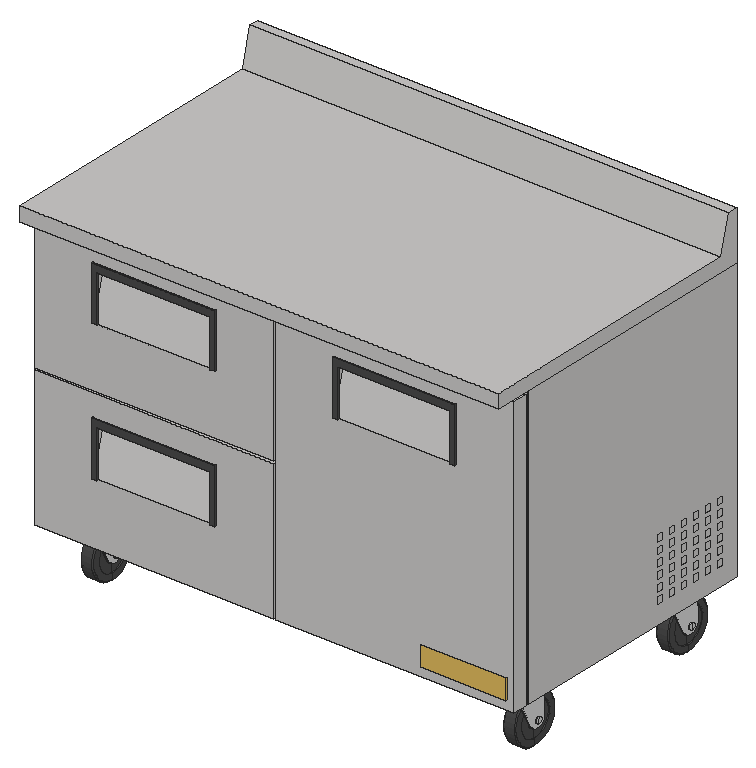
Revit family
Parameters
  Weight = "315 lbs."
  Watts = FL Amps * Volts  # 563.5 W
  Volts = 115 V
  URL Manufacturer = "www.truemfg.com"
  URL Cutsheet = "www.truemfg.com"
  URL = "www.truemfg.com"
  Type Mark [instance] = ""
  Status [instance] = ""
  Specification by User [instance] = ""
  Specification by Manufacturer = ""
  Show Seismic Flanged [instance] = no
  Show Logo [instance] = yes
  Show Legs [instance] = no
  Right/Left Option [instance] = no
  Show Clearance [instance] = yes
  Show Casters [instance] = and(not(Show Legs), not(Show Seismic Flanged))  # yes
  Serial Number = ""
  Seismic Rating = ""
  Seismic Plate [instance] = and(Show Seismic Flanged, not(Show Casters))  # no
  SMACNA No = ""
  Revision Code [instance] = ""
  Phase = 1
  Omniclass Number and Title = ""
  Number of Poles [instance] = 1
  NAFEM Spec ID Number = ""
  Model = "TWT-48D-2"
  Min Ckt Ampacity = 0 A
  Max Overcurrent Protection = 0 A
  MasterSpec. = ""
  Manufacturer = "TRUE FOOD SERVICE EQUIPMENT, INC."
  Legs [instance] = or(Show Legs, Show Seismic Flanged)  # no
  Item Number [instance] = ""
  Installed By [instance] = ""
  Identify Quantity as Lot [instance] = yes
  HP = "1/5"
  Furnished By [instance] = ""
  Foodservice Equipment Identifier [instance] = yes
  FL Amps = 4.9 A
  Electrical Remarks [instance] = "230-240/50/1"
  Electric Connection Type [instance] = ""
  Elec Conn RI Height [instance] = 0"
  Elec Conn Connection Height [instance] = 0"
  Description = "Worktop Drawered Refrigerator"
  Cycle = 60 Hz
  Conn Plug NEMA = "NEMA 5-15P"
  Conn Conduit = yes
  CSI MasterFormat = ""
  CSI Master Format = ""
  Body Finish = QF_Finishes_Stainless Steel
  Base Height [instance] = if(Legs, 6", 6 3/16")  # 6 3/16"
  Apparent Power = if(Phase = 3, Volts * FL Amps * 1.73, Volts * FL Amps)  # 563.5 VA
Reference planes (in)
  plane 1 "BACK": y = -16.5
  plane 2: z = 0
  plane 3 "LEFT": x = 0
  plane 4 "RIGHT": x = 48.3125
  plane 5 "FRONT": y = -47.5625
  plane 6 "TOP": z = 46.46875
  plane 7: z = 6.1875
  plane 8: y = -69.03125
Forms (in)
  Revolve 1, solid, material "QF_Finishes_Stainless Steel" <- "Body Finish", visible <- "Legs"
    sketch origin (0.84375, -20.82507, 0) x (1, 0, 0) y (0, 0, -1)
      loop
        line (2, -6.1875) -> (2, -0.1875) -> (1.5, -0.1875) -> (1.5, -1.1875) -> (1.25, -1.1875) -> (0.53856, -6.1875) -> (2, -6.1875)
      axis (2, -0.1875) -> (2, -6.1875)
    angle from 0 to 360
  Extrusion 2, solid, material "QF_Finishes_Stainless Steel" <- "Body Finish", visible <- "Seismic Plate"
    sketch origin (-0.22541, -19.13091, 0) x (1, 0, 0) y (0, 1, 0)
      loop
        circle (3.06916, -1.69416) r 1.5
    from 0 to 0.25
  Revolve 3, solid, material "QF_Finishes_Stainless Steel" <- "Body Finish", visible <- "Legs"
    sketch origin (0.84375, -40.15813, 0) x (1, 0, 0) y (0, 0, -1)
      loop
        line (2, -6.1875) -> (2, -0.1875) -> (1.5, -0.1875) -> (1.5, -1.1875) -> (1.25, -1.1875) -> (0.53856, -6.1875) -> (2, -6.1875)
      axis (2, -0.1875) -> (2, -6.1875)
    angle from 0 to 360
  Extrusion 4, solid, material "QF_Finishes_Stainless Steel" <- "Body Finish", visible <- "Seismic Plate"
    sketch origin (-0.22541, -42.50254, 0) x (1, 0, 0) y (0, 1, 0)
      loop
        circle (3.06916, 2.30585) r 1.5
    from 0 to 0.25
  Revolve 5, solid, material "QF_Finishes_Stainless Steel" <- "Body Finish", visible <- "Legs"
    sketch origin (31.34375, -20.82507, 0) x (1, 0, 0) y (0, 0, -1)
      loop
        line (14, -6.1875) -> (14, -0.1875) -> (13.5, -0.1875) -> (13.5, -1.1875) -> (13.25, -1.1875) -> (12.53856, -6.1875) -> (14, -6.1875)
      axis (14, -0.1875) -> (14, -6.1875)
    angle from 0 to 360
  Extrusion 6, solid, material "QF_Finishes_Stainless Steel" <- "Body Finish", visible <- "Seismic Plate"
    sketch origin (30.27459, -19.13091, 0) x (1, 0, 0) y (0, 1, 0)
      loop
        circle (15.06916, -1.69416) r 1.5
    from 0 to 0.25
  Revolve 7, solid, material "QF_Finishes_Stainless Steel" <- "Body Finish", visible <- "Legs"
    sketch origin (31.34375, -40.15813, 0) x (1, 0, 0) y (0, 0, -1)
      loop
        line (14, -6.1875) -> (14, -0.1875) -> (13.5, -0.1875) -> (13.5, -1.1875) -> (13.25, -1.1875) -> (12.53856, -6.1875) -> (14, -6.1875)
      axis (14, -0.1875) -> (14, -6.1875)
    angle from 0 to 360
  Extrusion 8, solid, material "QF_Finishes_Stainless Steel" <- "Body Finish", visible <- "Seismic Plate"
    sketch origin (30.27459, -42.50254, 0) x (1, 0, 0) y (0, 1, 0)
      loop
        circle (15.06916, 2.30585) r 1.5
    from 0 to 0.25
Lines and regions (in)
  symbolic lines, style "SpecialityEquipmentHiddenLines", visible <- "Show Casters"
    curve 1: line (1.05276, -22.68104, 0) -> (2.13882, -23.30808, 0)
    curve 2: line (3.55276, -18.35092, 0) -> (1.05276, -22.68104, 0)
    curve 3: line (4.63882, -18.97795, 0) -> (3.55276, -18.35092, 0)
    curve 4: line (2.13882, -23.30808, 0) -> (4.63882, -18.97795, 0)
    curve 5: line (43.67776, -22.68104, 0) -> (44.76382, -23.30808, 0)
    curve 6: line (46.17776, -18.35092, 0) -> (43.67776, -22.68104, 0)
    curve 7: line (47.26382, -18.97795, 0) -> (46.17776, -18.35092, 0)
    curve 8: line (44.76382, -23.30808, 0) -> (47.26382, -18.97795, 0)
    curve 9: line (1.05276, -42.04409, 0) -> (2.13882, -42.67113, 0)
    curve 10: line (3.55276, -37.71397, 0) -> (1.05276, -42.04409, 0)
    curve 11: line (4.63882, -38.34101, 0) -> (3.55276, -37.71397, 0)
    curve 12: line (2.13882, -42.67113, 0) -> (4.63882, -38.34101, 0)
    curve 13: line (43.67776, -42.04409, 0) -> (44.76382, -42.67113, 0)
    curve 14: line (46.17776, -37.71397, 0) -> (43.67776, -42.04409, 0)
    curve 15: line (47.26382, -38.34101, 0) -> (46.17776, -37.71397, 0)
    curve 16: line (44.76382, -42.67113, 0) -> (47.26382, -38.34101, 0)
Dimensions and locks (in)
  plane 3 "LEFT" to plane 4 "RIGHT" = 48 5/16"
  plane 4 "RIGHT" to plane 3 "LEFT" = 48 5/16"
  plane 5 "FRONT" to plane 1 "BACK" = 31 1/16"
  locked: plane 5 "FRONT" to plane 1 "BACK" at 31.0625
  "Base Height": plane 7 to level
  Revolve 3 sketch curve to Revolve 3 sketch curve to Revolve 3 sketch curve = 5" locked, 1" locked
  Revolve 1 sketch curve to Revolve 1 sketch curve to Revolve 1 sketch curve = 5" locked, 1" locked
  nested 1 to level = 42 15/16"
  Revolve 7 sketch curve to Revolve 7 sketch curve to Revolve 7 sketch curve = 5" locked, 1" locked
  Revolve 5 sketch curve to Revolve 5 sketch curve to Revolve 5 sketch curve = 5" locked, 1" locked
  nested 1 to nested 1 = 7"
  nested 1 to plane 7 = 29 3/4"
  nested 1 to level = 35 15/16"
  plane 4 "RIGHT" to nested 1 = 19 5/8"
  nested 1 to nested 1 = 12 5/8"
  plane 8 to plane 1 "BACK" = 52 17/32"
  nested 1 to plane 5 "FRONT" = 19 11/16"
  aligned and locked: level to plane 2
  aligned and locked: Revolve 3 sketch curve to plane 7
  aligned and locked: Revolve 1 sketch curve to plane 7
  aligned and locked: plane 5 "FRONT" to nested 1
  aligned and locked: plane 3 "LEFT" to nested 1  (x2)
  aligned and locked: plane 7 to nested 1
  aligned: nested 1 to plane 7
  aligned and locked: nested 1 to plane 5 "FRONT"
Automatic sketch dimensions
  plane 3 "LEFT" to Revolve 1 sketch curve = 1.38231"
  plane 3 "LEFT" to Revolve 1 sketch curve = 2 3/32"
  Revolve 1 sketch curve to Revolve 1 sketch curve = 1/4"
  Revolve 1 sketch curve to Revolve 1 sketch curve = 1/2"
  Revolve 1 sketch curve to Revolve 1 sketch curve = 0"
  plane 7 to Revolve 1 sketch curve = 23/32"
  Revolve 1 sketch curve to Revolve 1 sketch curve = 1 1/2"
  plane 3 "LEFT" to Extrusion 2 sketch curve = 2 27/32"
  plane 1 "BACK" to Extrusion 2 sketch curve = 4.32507"
  plane 3 "LEFT" to Revolve 3 sketch curve = 1.38231"
  plane 3 "LEFT" to Revolve 3 sketch curve = 2 3/32"
  Revolve 3 sketch curve to Revolve 3 sketch curve = 1/4"
  Revolve 3 sketch curve to Revolve 3 sketch curve = 1/2"
  Revolve 3 sketch curve to Revolve 3 sketch curve = 0"
  plane 7 to Revolve 3 sketch curve = 23/32"
  Revolve 3 sketch curve to Revolve 3 sketch curve = 1 1/2"
  plane 3 "LEFT" to Extrusion 4 sketch curve = 2 27/32"
  Extrusion 4 sketch curve to plane 5 "FRONT" = 7.36581"
  Revolve 5 sketch curve to plane 7 = 0"
  Revolve 5 sketch curve to plane 4 "RIGHT" = 4.43019"
  Revolve 5 sketch curve to plane 4 "RIGHT" = 3 23/32"
  Revolve 5 sketch curve to Revolve 5 sketch curve = 1/4"
  Revolve 5 sketch curve to Revolve 5 sketch curve = 1/2"
  Revolve 5 sketch curve to Revolve 5 sketch curve = 0"
  plane 7 to Revolve 5 sketch curve = 23/32"
  Revolve 5 sketch curve to Revolve 5 sketch curve = 1 1/2"
  Extrusion 6 sketch curve to plane 4 "RIGHT" = 2 31/32"
  plane 1 "BACK" to Extrusion 6 sketch curve = 4.32507"
  Revolve 7 sketch curve to plane 7 = 0"
  Revolve 7 sketch curve to plane 4 "RIGHT" = 4.43019"
  Revolve 7 sketch curve to plane 4 "RIGHT" = 3 23/32"
  Revolve 7 sketch curve to Revolve 7 sketch curve = 1/4"
  Revolve 7 sketch curve to Revolve 7 sketch curve = 1/2"
  Revolve 7 sketch curve to Revolve 7 sketch curve = 0"
  plane 7 to Revolve 7 sketch curve = 23/32"
  Revolve 7 sketch curve to Revolve 7 sketch curve = 1 1/2"
  Extrusion 8 sketch curve to plane 4 "RIGHT" = 2 31/32"
  Extrusion 8 sketch curve to plane 5 "FRONT" = 7.36581"
  curve 16 to plane 4 "RIGHT" = 1.04868"
  curve 7 to plane 4 "RIGHT" = 1.04868"
  curve 7 to curve 7 = 1.08606"
  curve 14 to curve 15 = 1.08606"
  curve 13 to plane 4 "RIGHT" = 3.54868"
  curve 8 to plane 4 "RIGHT" = 3.54868"
  plane 3 "LEFT" to curve 12 = 4.63882"
  plane 1 "BACK" to curve 2 = 1.85092"
  curve 2 to curve 3 = 1.08606"
  curve 10 to curve 11 = 1.08606"
  plane 3 "LEFT" to curve 1 = 2.13882"
  plane 3 "LEFT" to curve 12 = 2.13882"
  plane 1 "BACK" to curve 8 = 2.47795"
  curve 4 to curve 2 = 0.62704"
  curve 5 to curve 7 = 3.70309"
  curve 15 to plane 5 "FRONT" = 9.84853"
  curve 11 to plane 5 "FRONT" = 9.84853"
  curve 12 to curve 10 = 0.62704"
  curve 16 to curve 14 = 0.62704"
  plane 3 "LEFT" to curve 2 = 3.55276"
  radius of Extrusion 2 sketch curve = 1 1/2"
  radius of Extrusion 4 sketch curve = 1 1/2"
  radius of Extrusion 6 sketch curve = 1 1/2"
  radius of Extrusion 8 sketch curve = 1 1/2"
Nested families (in)
  nested 1: "True_TWT-48D-2" at (0, 0, 0), Show Logo <- "Show Logo", Show Clearance <- "Show Clearance", Show Casters <- "Show Casters", RightLeft Option <- "Right/Left Option", type "True_TWT-48D-2"
    with Show Logo yes, Show Clearance yes, Show Casters yes, RightLeft Option no, Right Clearance yes, Left Clearance no, C 3 7/16", B 0", A 0"
Connectors (in)
  electrical at (44.875, -17.5, 12), driven by "Volts", driven by "Watts"
    settings: on nested 1, index 2, voltage 115 V, apparent load 563.5 VA, apparent load phase1 0 VA, apparent load phase2 0 VA, apparent load phase3 0 VA, power factor 1, load classification "Other", number of poles 1, system type 30, power factor state 1, is connector primary yes, connector utility no, sub classification motor no, connector description "Electrical Connection"
Definition of nested family "True_TWT-48D-2"
  Parameters (values of type "True_TWT-48D-2")
    C [instance] = if(RightLeft Option, 44 7/8", 3 7/16")  # 3 7/16"
    B [instance] = if(RightLeft Option, 24 1/4", 0")  # 0"
    URL = ""
    Show Logo [instance] = yes
    Show Clearance [instance] = yes
    Show Casters [instance] = yes
    RightLeft Option [instance] = no
    Right Clearance [instance] = and(Show Clearance, not(RightLeft Option))  # yes
    Model = ""
    Manufacturer = ""
    Left Clearance [instance] = and(Show Clearance, (RightLeft Option))  # no
    Description = ""
    Assembly Code = ""
    A [instance] = if(RightLeft Option, 24 1/4", 0")  # 0"
  Reference planes (in)
    plane 1 "BACK": y = -16.5
    plane 2: z = 0
    plane 3 "LEFT": x = 0
    plane 4 "RIGHT": x = 48.3125
    plane 5 "FRONT": y = -47.5625
    plane 6 "TOP": z = 42.9375
    plane 7: z = 6.1875
    plane 8: z = 35.9375
  Forms (in)
    Extrusion 1, solid, material "QF_Finishes_Stainless Steel"
      sketch origin (0, -1, 0) x (0, 1, 0) y (0, 0, 1)
        loop
          line (-46.5625, 35.9375) -> (-46.5625, 34.5) -> (-16.5, 34.5) -> (-16.5, 39.5) -> (-17.5, 39.5) -> (-18.46875, 35.9375) -> (-46.5625, 35.9375)
      from 0 to 48.3125
    Extrusion 2, solid, material "QF_Finishes_Handrails and Railings", visible <- "Show Casters"
      sketch origin (0.84375, -38.80219, 1.18891) x (0, 1, 0) y (0, 0, 1)
        loop
          line (-3.9827, 4.36074) -> (-3.9827, 3.75589) -> (-3.6077, 3.75589) -> (-2.25253, 1.15484)
          arc (-2.25253, 1.15484) -> (-1.35455, 0.51289) -> (-0.45657, 1.15484) r 0.94903
          line (-0.45657, 1.15484) -> (-0.54355, 4.36074) -> (-3.9827, 4.36074)
      from 1.175 to 1.325
    Revolve 3, solid, material "QF_Finishes_Chrome - Satin", visible <- "Show Casters"
      sketch origin (0.84375, -41.06531, 0.68891) x (1, 0, 0) y (0, 0, 1)
        loop
          line (2, 4.86074) -> (2, 5.49859) -> (0.60918, 5.49859) -> (0.60918, 4.86074) -> (2, 4.86074)
        axis (2, 4.86074) -> (2, 5.49859)
      angle from 0 to 360
    Extrusion 4, solid, material "QF_Finishes_Handrails and Railings", visible <- "Show Casters"
      sketch origin (-46.9375, -38.80219, 1.18891) x (0, 1, 0) y (0, 0, 1)
        loop
          line (-3.9827, 4.36074) -> (-3.9827, 3.75589) -> (-3.6077, 3.75589) -> (-0.53736, 4.13288) -> (-0.54355, 4.36074) -> (-3.9827, 4.36074)
      from 49.10625 to 50.45625
    Revolve 5, solid, material "QF_Finishes_Black", visible <- "Show Casters"
      sketch origin (0.84375, -40.15399, 1) x (1, 0, 0) y (0, 0, 1)
        loop
          line (1.475, 4) -> (1.375, 3.9) -> (1.375, 3.29941) -> (1.53601, 3.29941) -> (1.53601, 2.04941) -> (1.375, 2.04941) -> (1.375, 1.79941) -> (0.975, 1.79941) -> (0.975, 1.5) -> (3.025, 1.5) -> (3.025, 1.79941) -> (2.62908, 1.79941) -> (2.62908, 2.04941) -> (2.46399, 2.04941) -> (2.46399, 3.29941) -> (2.62908, 3.29941) -> (2.62908, 3.89592) -> (2.525, 4) -> (1.475, 4)
        axis (3.025, 1.5) -> (0.975, 1.5)
      angle from 0 to 360
    Extrusion 6, solid, material "QF_Finishes_Handrails and Railings", visible <- "Show Casters"
      sketch origin (4.84375, -38.80219, 1.18891) x (0, 1, 0) y (0, 0, -1)
        loop
          line (-3.9827, -3.75589) -> (-3.9827, -4.36074) -> (-0.54355, -4.36074) -> (-0.45657, -1.15484)
          arc (-0.45657, -1.15484) -> (-1.35455, -0.51289) -> (-2.25253, -1.15484) r 0.94903
          line (-2.25253, -1.15484) -> (-3.6077, -3.75589) -> (-3.9827, -3.75589)
      from 1.175 to 1.325
    Extrusion 7, solid, material "QF_Finishes_Handrails and Railings", visible <- "Show Casters"
      sketch origin (0.84375, -19.47769, 1.18891) x (0, 1, 0) y (0, 0, 1)
        loop
          line (-3.9827, 4.36074) -> (-3.9827, 3.75589) -> (-3.6077, 3.75589) -> (-2.25253, 1.15484)
          arc (-2.25253, 1.15484) -> (-1.35455, 0.51289) -> (-0.45657, 1.15484) r 0.94903
          line (-0.45657, 1.15484) -> (-0.54355, 4.36074) -> (-3.9827, 4.36074)
      from 1.175 to 1.325
    Revolve 8, solid, material "QF_Finishes_Chrome - Satin", visible <- "Show Casters"
      sketch origin (0.84375, -21.74082, 0.68891) x (1, 0, 0) y (0, 0, 1)
        loop
          line (2, 4.86074) -> (2, 5.49859) -> (0.60918, 5.49859) -> (0.60918, 4.86074) -> (2, 4.86074)
        axis (2, 4.86074) -> (2, 5.49859)
      angle from 0 to 360
    Extrusion 9, solid, material "QF_Finishes_Handrails and Railings", visible <- "Show Casters"
      sketch origin (-46.9375, -19.47769, 1.18891) x (0, 1, 0) y (0, 0, 1)
        loop
          line (-3.9827, 4.36074) -> (-3.9827, 3.75589) -> (-3.6077, 3.75589) -> (-0.53736, 4.13288) -> (-0.54355, 4.36074) -> (-3.9827, 4.36074)
      from 49.10625 to 50.45625
    Revolve 10, solid, material "QF_Finishes_Black", visible <- "Show Casters"
      sketch origin (0.84375, -20.8295, 1) x (1, 0, 0) y (0, 0, 1)
        loop
          line (1.475, 4) -> (1.375, 3.9) -> (1.375, 3.29941) -> (1.53601, 3.29941) -> (1.53601, 2.04941) -> (1.375, 2.04941) -> (1.375, 1.79941) -> (0.975, 1.79941) -> (0.975, 1.5) -> (3.025, 1.5) -> (3.025, 1.79941) -> (2.62908, 1.79941) -> (2.62908, 2.04941) -> (2.46399, 2.04941) -> (2.46399, 3.29941) -> (2.62908, 3.29941) -> (2.62908, 3.89592) -> (2.525, 4) -> (1.475, 4)
        axis (3.025, 1.5) -> (0.975, 1.5)
      angle from 0 to 360
    Extrusion 11, solid, material "QF_Finishes_Handrails and Railings", visible <- "Show Casters"
      sketch origin (4.84375, -19.47769, 1.18891) x (0, 1, 0) y (0, 0, -1)
        loop
          line (-3.9827, -3.75589) -> (-3.9827, -4.36074) -> (-0.54355, -4.36074) -> (-0.45657, -1.15484)
          arc (-0.45657, -1.15484) -> (-1.35455, -0.51289) -> (-2.25253, -1.15484) r 0.94903
          line (-2.25253, -1.15484) -> (-3.6077, -3.75589) -> (-3.9827, -3.75589)
      from 1.175 to 1.325
    Extrusion 12, solid, material "QF_Finishes_Stainless Steel"
      sketch origin (0, -1, 0) x (0, 1, 0) y (0, 0, 1)
        loop
          line (-42.75, 34.5) -> (-42.75, 6.1875) -> (-16.5, 6.1875) -> (-16.5, 34.5) -> (-42.75, 34.5)
      from 0 to 48.1875
    Extrusion 13, solid, material "QF_Finishes_Stainless Steel"
      sketch origin (4.24566, -12.63, 0) x (1, 0, 0) y (0, 0, 1)
        loop
          line (44.06684, 6.1875) -> (44.06684, 34.28323) -> (20.00434, 34.28323) -> (20.00434, 6.1875) -> (44.06684, 6.1875)
        loop
          line (25.85373, 32.0625) -> (25.85373, 26.5625) -> (38.22873, 26.5625) -> (38.22873, 32.0625) -> (25.85373, 32.0625)
      from 31.44201 to 33
    Extrusion 14, solid, material "QF_Finishes_Black"
      sketch origin (12.0625, 3.62, 0) x (0, 1, 0) y (0, 0, 1)
        loop
          line (-47.69201, 33.8406) -> (-47.69201, 6.82675) -> (-47.37, 6.82675) -> (-47.37, 33.8406) -> (-47.69201, 33.8406)
      from -11.5625 to 35.75
    Extrusion 15, solid, material "QF_Finishes_Stainless Steel"
      sketch origin (-1.91623, 3.87, 0) x (0, 1, 0) y (0, 0, 1)
        loop
          line (-47.94201, 32.0625) -> (-49.5, 26.5625) -> (-47.94201, 26.5625) -> (-47.94201, 32.0625)
        loop
          line (-47.94201, 18.01463) -> (-49.5, 12.51463) -> (-47.94201, 12.51463) -> (-47.94201, 18.01463)
      from 7.75 to 20.125
    Extrusion 16, solid, material "QF_Finishes_Black"
      sketch origin (-1.91623, -45.63, 0) x (1, 0, 0) y (0, 0, 1)
        loop
          line (20.125, 32.0625) -> (7.75, 32.0625) -> (7.75, 26.5625) -> (8.25, 26.5625) -> (8.25, 31.3125) -> (19.625, 31.3125) -> (19.625, 26.5625) -> (20.125, 26.5625) -> (20.125, 32.0625)
        loop
          line (20.125, 18.01463) -> (7.75, 18.01463) -> (7.75, 12.51463) -> (8.25, 12.51463) -> (8.25, 17.26463) -> (19.625, 17.26463) -> (19.625, 12.51463) -> (20.125, 12.51463) -> (20.125, 18.01463)
      from 0 to 0.125
    Extrusion 17, solid, material "QF_Finishes_Satin - Goldenrod", visible <- "Show Logo"
      sketch origin (-26.41732, -10.88, -25.21535) x (1, 0, 0) y (0, 0, 1)
        loop
          line (73.97982, 34.29477) -> (65.37982, 34.29477) -> (65.37982, 32.2921) -> (73.97982, 32.2921) -> (73.97982, 34.29477)
      from 34.75 to 34.80335
    Extrusion 18, solid, material "QF_Finishes_Stainless Steel"
      sketch origin (28.66923, -1, 0.52317) x (0, 1, 0) y (0, 0, 1)
        loop
          line (-42.75, 33.97683) -> (-42.75, 5.66433) -> (-16.5, 5.66433) -> (-16.5, 33.97683) -> (-42.75, 33.97683)
        loop
          line (-19.03986, 13.81876) -> (-19.03986, 13.06876) -> (-18.28986, 13.06876) -> (-18.28986, 13.81876) -> (-19.03986, 13.81876)
        loop
          line (-20.53986, 13.81876) -> (-20.53986, 13.06876) -> (-19.78986, 13.06876) -> (-19.78986, 13.81876) -> (-20.53986, 13.81876)
        loop
          line (-22.03986, 13.81876) -> (-22.03986, 13.06876) -> (-21.28986, 13.06876) -> (-21.28986, 13.81876) -> (-22.03986, 13.81876)
        loop
          line (-23.53986, 13.81876) -> (-23.53986, 13.06876) -> (-22.78986, 13.06876) -> (-22.78986, 13.81876) -> (-23.53986, 13.81876)
        loop
          line (-25.03986, 13.81876) -> (-25.03986, 13.06876) -> (-24.28986, 13.06876) -> (-24.28986, 13.81876) -> (-25.03986, 13.81876)
        loop
          line (-26.53986, 13.81876) -> (-26.53986, 13.06876) -> (-25.78986, 13.06876) -> (-25.78986, 13.81876) -> (-26.53986, 13.81876)
        loop
          line (-19.03986, 12.69376) -> (-19.03986, 11.94376) -> (-18.28986, 11.94376) -> (-18.28986, 12.69376) -> (-19.03986, 12.69376)
        loop
          line (-20.53986, 12.69376) -> (-20.53986, 11.94376) -> (-19.78986, 11.94376) -> (-19.78986, 12.69376) -> (-20.53986, 12.69376)
        loop
          line (-22.03986, 12.69376) -> (-22.03986, 11.94376) -> (-21.28986, 11.94376) -> (-21.28986, 12.69376) -> (-22.03986, 12.69376)
        loop
          line (-23.53986, 12.69376) -> (-23.53986, 11.94376) -> (-22.78986, 11.94376) -> (-22.78986, 12.69376) -> (-23.53986, 12.69376)
        loop
          line (-25.03986, 12.69376) -> (-25.03986, 11.94376) -> (-24.28986, 11.94376) -> (-24.28986, 12.69376) -> (-25.03986, 12.69376)
        loop
          line (-26.53986, 12.69376) -> (-26.53986, 11.94376) -> (-25.78986, 11.94376) -> (-25.78986, 12.69376) -> (-26.53986, 12.69376)
        loop
          line (-19.03986, 11.56876) -> (-19.03986, 10.81876) -> (-18.28986, 10.81876) -> (-18.28986, 11.56876) -> (-19.03986, 11.56876)
        loop
          line (-20.53986, 11.56876) -> (-20.53986, 10.81876) -> (-19.78986, 10.81876) -> (-19.78986, 11.56876) -> (-20.53986, 11.56876)
        loop
          line (-22.03986, 11.56876) -> (-22.03986, 10.81876) -> (-21.28986, 10.81876) -> (-21.28986, 11.56876) -> (-22.03986, 11.56876)
        loop
          line (-23.53986, 11.56876) -> (-23.53986, 10.81876) -> (-22.78986, 10.81876) -> (-22.78986, 11.56876) -> (-23.53986, 11.56876)
        loop
          line (-25.03986, 11.56876) -> (-25.03986, 10.81876) -> (-24.28986, 10.81876) -> (-24.28986, 11.56876) -> (-25.03986, 11.56876)
        loop
          line (-26.53986, 11.56876) -> (-26.53986, 10.81876) -> (-25.78986, 10.81876) -> (-25.78986, 11.56876) -> (-26.53986, 11.56876)
        loop
          line (-19.03986, 10.44376) -> (-19.03986, 9.69376) -> (-18.28986, 9.69376) -> (-18.28986, 10.44376) -> (-19.03986, 10.44376)
        loop
          line (-20.53986, 10.44376) -> (-20.53986, 9.69376) -> (-19.78986, 9.69376) -> (-19.78986, 10.44376) -> (-20.53986, 10.44376)
        loop
          line (-22.03986, 10.44376) -> (-22.03986, 9.69376) -> (-21.28986, 9.69376) -> (-21.28986, 10.44376) -> (-22.03986, 10.44376)
        loop
          line (-23.53986, 10.44376) -> (-23.53986, 9.69376) -> (-22.78986, 9.69376) -> (-22.78986, 10.44376) -> (-23.53986, 10.44376)
        loop
          line (-25.03986, 10.44376) -> (-25.03986, 9.69376) -> (-24.28986, 9.69376) -> (-24.28986, 10.44376) -> (-25.03986, 10.44376)
        loop
          line (-26.53986, 10.44376) -> (-26.53986, 9.69376) -> (-25.78986, 9.69376) -> (-25.78986, 10.44376) -> (-26.53986, 10.44376)
        loop
          line (-19.03986, 9.31876) -> (-19.03986, 8.56876) -> (-18.28986, 8.56876) -> (-18.28986, 9.31876) -> (-19.03986, 9.31876)
        loop
          line (-20.53986, 9.31876) -> (-20.53986, 8.56876) -> (-19.78986, 8.56876) -> (-19.78986, 9.31876) -> (-20.53986, 9.31876)
        loop
          line (-22.03986, 9.31876) -> (-22.03986, 8.56876) -> (-21.28986, 8.56876) -> (-21.28986, 9.31876) -> (-22.03986, 9.31876)
        loop
          line (-23.53986, 9.31876) -> (-23.53986, 8.56876) -> (-22.78986, 8.56876) -> (-22.78986, 9.31876) -> (-23.53986, 9.31876)
        loop
          line (-25.03986, 9.31876) -> (-25.03986, 8.56876) -> (-24.28986, 8.56876) -> (-24.28986, 9.31876) -> (-25.03986, 9.31876)
        loop
          line (-26.53986, 9.31876) -> (-26.53986, 8.56876) -> (-25.78986, 8.56876) -> (-25.78986, 9.31876) -> (-26.53986, 9.31876)
        loop
          line (-19.03986, 8.19376) -> (-19.03986, 7.44376) -> (-18.28986, 7.44376) -> (-18.28986, 8.19376) -> (-19.03986, 8.19376)
        loop
          line (-20.53986, 8.19376) -> (-20.53986, 7.44376) -> (-19.78986, 7.44376) -> (-19.78986, 8.19376) -> (-20.53986, 8.19376)
        loop
          line (-22.03986, 8.19376) -> (-22.03986, 7.44376) -> (-21.28986, 7.44376) -> (-21.28986, 8.19376) -> (-22.03986, 8.19376)
        loop
          line (-23.53986, 8.19376) -> (-23.53986, 7.44376) -> (-22.78986, 7.44376) -> (-22.78986, 8.19376) -> (-23.53986, 8.19376)
        loop
          line (-25.03986, 8.19376) -> (-25.03986, 7.44376) -> (-24.28986, 7.44376) -> (-24.28986, 8.19376) -> (-25.03986, 8.19376)
        loop
          line (-26.53986, 8.19376) -> (-26.53986, 7.44376) -> (-25.78986, 7.44376) -> (-25.78986, 8.19376) -> (-26.53986, 8.19376)
      from 19.51827 to 19.64327
    Extrusion 19, solid, material "QF_Finishes_Stainless Steel"
      sketch origin (8.4375, -16.5, 0) x (1, 0, 0) y (0, 0, 1)
        loop
          line (7.625, 6.1875) -> (7.625, 3.875) -> (20.25, 3.875) -> (20.25, 6.1875) -> (7.625, 6.1875)
      from 1.69409 to 21.69409
    Extrusion 20, solid, material "QF_Finishes_Stainless Steel"
      sketch origin (28.67546, -16.5, -9.83802) x (-1, 0, 0) y (0, 0, -1)
        loop
          circle (22.96499, -40.7598) r 0.46875
      from 0 to 1
    Extrusion 21, solid, material "QF_Finishes_Stainless Steel"
      sketch origin (19.58446, -17.5, 0) x (1, 0, 0) y (0, 0, 1)
        loop
          circle (25.29054, 12) r 0.25
      from 0 to 0.0625
    Extrusion 22, solid, material "QF_Finishes_Stainless Steel"
      sketch origin (22.34939, 3.87, 0) x (0, 1, 0) y (0, 0, 1)
        loop
          line (-47.94201, 32.0625) -> (-49.5, 26.5625) -> (-47.94201, 26.5625) -> (-47.94201, 32.0625)
      from 7.75 to 20.125
    Extrusion 23, solid, material "QF_Finishes_Black"
      sketch origin (22.34939, -45.63, 0) x (1, 0, 0) y (0, 0, 1)
        loop
          line (20.125, 32.0625) -> (7.75, 32.0625) -> (7.75, 26.5625) -> (8.25, 26.5625) -> (8.25, 31.3125) -> (19.625, 31.3125) -> (19.625, 26.5625) -> (20.125, 26.5625) -> (20.125, 32.0625)
      from 0 to 0.125
    Extrusion 24, solid, material "QF_Finishes_Stainless Steel"
      sketch origin (19.63704, -16.5, -9.83802) x (1, 0, 0) y (0, 0, 1)
        loop
          circle (22.96499, 40.7598) r 0.46875
      from 0 to 1
    Extrusion 25, solid, material "QF_Finishes_Handrails and Railings", visible <- "Show Casters"
      sketch origin (47.46875, -38.80219, 1.18891) x (0, 1, 0) y (0, 0, -1)
        loop
          line (-3.9827, -4.36074) -> (-0.54355, -4.36074) -> (-0.45657, -1.15484)
          arc (-0.45657, -1.15484) -> (-1.35455, -0.51289) -> (-2.25253, -1.15484) r 0.94903
          line (-2.25253, -1.15484) -> (-3.6077, -3.75589) -> (-3.9827, -3.75589) -> (-3.9827, -4.36074)
      from 1.175 to 1.325
    Revolve 26, solid, material "QF_Finishes_Chrome - Satin", visible <- "Show Casters"
      sketch origin (47.46875, -41.06531, 0.68891) x (-1, 0, 0) y (0, 0, -1)
        loop
          line (2, -4.86074) -> (0.60918, -4.86074) -> (0.60918, -5.49859) -> (2, -5.49859) -> (2, -4.86074)
        axis (2, -4.86074) -> (2, -5.49859)
      angle from 0 to 360
    Extrusion 27, solid, material "QF_Finishes_Handrails and Railings", visible <- "Show Casters"
      sketch origin (95.25, -38.80219, 1.18891) x (0, 1, 0) y (0, 0, -1)
        loop
          line (-3.9827, -4.36074) -> (-0.54355, -4.36074) -> (-0.53736, -4.13288) -> (-3.6077, -3.75589) -> (-3.9827, -3.75589) -> (-3.9827, -4.36074)
      from 49.10625 to 50.45625
    Revolve 28, solid, material "QF_Finishes_Black", visible <- "Show Casters"
      sketch origin (47.46875, -40.15399, 1) x (-1, 0, 0) y (0, 0, -1)
        loop
          line (1.475, -4) -> (2.525, -4) -> (2.62908, -3.89592) -> (2.62908, -3.29941) -> (2.46399, -3.29941) -> (2.46399, -2.04941) -> (2.62908, -2.04941) -> (2.62908, -1.79941) -> (3.025, -1.79941) -> (3.025, -1.5) -> (0.975, -1.5) -> (0.975, -1.79941) -> (1.375, -1.79941) -> (1.375, -2.04941) -> (1.53601, -2.04941) -> (1.53601, -3.29941) -> (1.375, -3.29941) -> (1.375, -3.9) -> (1.475, -4)
        axis (3.025, -1.5) -> (0.975, -1.5)
      angle from 0 to 360
    Extrusion 29, solid, material "QF_Finishes_Handrails and Railings", visible <- "Show Casters"
      sketch origin (43.46875, -38.80219, 1.18891) x (0, 1, 0) y (0, 0, 1)
        loop
          line (-3.9827, 3.75589) -> (-3.6077, 3.75589) -> (-2.25253, 1.15484)
          arc (-2.25253, 1.15484) -> (-1.35455, 0.51289) -> (-0.45657, 1.15484) r 0.94903
          line (-0.45657, 1.15484) -> (-0.54355, 4.36074) -> (-3.9827, 4.36074) -> (-3.9827, 3.75589)
      from 1.175 to 1.325
    Extrusion 30, solid, material "QF_Finishes_Handrails and Railings", visible <- "Show Casters"
      sketch origin (47.46875, -19.47769, 1.18891) x (0, 1, 0) y (0, 0, -1)
        loop
          line (-3.9827, -4.36074) -> (-0.54355, -4.36074) -> (-0.45657, -1.15484)
          arc (-0.45657, -1.15484) -> (-1.35455, -0.51289) -> (-2.25253, -1.15484) r 0.94903
          line (-2.25253, -1.15484) -> (-3.6077, -3.75589) -> (-3.9827, -3.75589) -> (-3.9827, -4.36074)
      from 1.175 to 1.325
    Revolve 31, solid, material "QF_Finishes_Chrome - Satin", visible <- "Show Casters"
      sketch origin (47.46875, -21.74082, 0.68891) x (-1, 0, 0) y (0, 0, -1)
        loop
          line (2, -4.86074) -> (0.60918, -4.86074) -> (0.60918, -5.49859) -> (2, -5.49859) -> (2, -4.86074)
        axis (2, -4.86074) -> (2, -5.49859)
      angle from 0 to 360
    Extrusion 32, solid, material "QF_Finishes_Handrails and Railings", visible <- "Show Casters"
      sketch origin (95.25, -19.47769, 1.18891) x (0, 1, 0) y (0, 0, -1)
        loop
          line (-3.9827, -4.36074) -> (-0.54355, -4.36074) -> (-0.53736, -4.13288) -> (-3.6077, -3.75589) -> (-3.9827, -3.75589) -> (-3.9827, -4.36074)
      from 49.10625 to 50.45625
    Revolve 33, solid, material "QF_Finishes_Black", visible <- "Show Casters"
      sketch origin (47.46875, -20.8295, 1) x (-1, 0, 0) y (0, 0, -1)
        loop
          line (1.475, -4) -> (2.525, -4) -> (2.62908, -3.89592) -> (2.62908, -3.29941) -> (2.46399, -3.29941) -> (2.46399, -2.04941) -> (2.62908, -2.04941) -> (2.62908, -1.79941) -> (3.025, -1.79941) -> (3.025, -1.5) -> (0.975, -1.5) -> (0.975, -1.79941) -> (1.375, -1.79941) -> (1.375, -2.04941) -> (1.53601, -2.04941) -> (1.53601, -3.29941) -> (1.375, -3.29941) -> (1.375, -3.9) -> (1.475, -4)
        axis (3.025, -1.5) -> (0.975, -1.5)
      angle from 0 to 360
    Extrusion 34, solid, material "QF_Finishes_Handrails and Railings", visible <- "Show Casters"
      sketch origin (43.46875, -19.47769, 1.18891) x (0, 1, 0) y (0, 0, 1)
        loop
          line (-3.9827, 3.75589) -> (-3.6077, 3.75589) -> (-2.25253, 1.15484)
          arc (-2.25253, 1.15484) -> (-1.35455, 0.51289) -> (-0.45657, 1.15484) r 0.94903
          line (-0.45657, 1.15484) -> (-0.54355, 4.36074) -> (-3.9827, 4.36074) -> (-3.9827, 3.75589)
      from 1.175 to 1.325
    Extrusion 35, solid, material "QF_Finishes_Drawer Clearance", visible <- "Show Clearance", detail levels coarse
      sketch origin (-19.8544, 19.97093, 0) x (1, 0, 0) y (0, 1, 0)
        loop
          line (19.8544, -65.60093) -> (19.8544, -87.22093) -> (43.9169, -87.22093) -> (43.9169, -65.60093) -> (19.8544, -65.60093)
      from 6.1875 to 34.28323
    Extrusion 36, solid, material "QF_Finishes_Door Clearance", visible <- "Right Clearance", detail levels coarse
      sketch origin (70.07598, -59.7044, 0) x (-1, 0, 0) y (0, -1, 0)
        loop
          line (21.76348, -14.0744) -> (45.8147, -14.0744)
          arc (45.8147, -14.0744) -> (38.77026, 2.93238) -> (21.76348, 9.97682) r 24.05122
          line (21.76348, 9.97682) -> (21.76348, -14.0744)
      from 6.1875 to 34.28323
    Extrusion 37, solid, material "QF_Finishes_Door Clearance", visible <- "Left Clearance", detail levels coarse
      sketch origin (-9.76348, -59.7044, 0) x (1, 0, 0) y (0, 1, 0)
        loop
          line (9.76348, 14.0744) -> (9.76348, -9.96813)
          arc (9.76348, -9.96813) -> (26.76412, -2.92624) -> (33.80601, 14.0744) r 24.04253
          line (33.80601, 14.0744) -> (9.76348, 14.0744)
      from 6.1875 to 34.28323
    Extrusion 38, solid, material "QF_Finishes_Stainless Steel"
      sketch origin (13.99566, -12.63, 0) x (1, 0, 0) y (0, 0, 1)
        loop
          line (-13.99566, 34.28323) -> (-13.99566, 20.45213) -> (10.06684, 20.45213) -> (10.06684, 34.28323) -> (-13.99566, 34.28323)
        loop
          line (-13.99566, 6.1875) -> (10.06684, 6.1875) -> (10.06684, 20.23537) -> (-13.99566, 20.23537) -> (-13.99566, 6.1875)
        loop
          line (-8.16189, 32.0625) -> (-8.16189, 26.5625) -> (4.21311, 26.5625) -> (4.21311, 32.0625) -> (-8.16189, 32.0625)
        loop
          line (-8.16189, 18.01463) -> (-8.16189, 12.51463) -> (4.21311, 12.51463) -> (4.21311, 18.01463) -> (-8.16189, 18.01463)
      from 31.44201 to 33
  Lines and regions (in)
    Split face 1
      outline origin (-26.41732, -45.68335, -25.21535) x (1, 0, 0) y (0, 0, 1)
        loop
          line (65.50482, 34.16977) -> (65.50482, 32.4171) -> (73.85482, 32.4171) -> (73.85482, 34.16977) -> (65.50482, 34.16977)
    Split face 2
      outline origin (-26.41732, -45.68335, -25.21535) x (1, 0, 0) y (0, 0, 1)
        loop
          line (68.27226, 34.09478) -> (66.5628, 34.09478) -> (65.63749, 32.4921) -> (67.34695, 32.4921) -> (68.27226, 34.09478)
    Split face 3
      outline origin (-26.41732, -45.68335, -25.21535) x (1, 0, 0) y (0, 0, 1)
        loop
          line (68.68561, 33.93666) -> (68.60688, 33.76782) -> (69.65417, 33.76782)
          arc (69.65417, 33.76782) -> (69.67543, 33.73023) -> (69.65417, 33.69265) r 0.04386
          line (69.65417, 33.69265) -> (69.38102, 33.10687)
          arc (69.38102, 33.10687) -> (69.37865, 33.05261) -> (69.41535, 33.01257) r 0.07096
          line (69.41535, 33.01257) -> (70.085, 33.01257)
          arc (70.085, 33.01257) -> (70.16956, 33.03923) -> (70.22354, 33.10957) r 0.14742
          line (70.22354, 33.10957) -> (70.4385, 33.57057) -> (70.636, 33.57057)
          arc (70.636, 33.57057) -> (70.68782, 33.55151) -> (70.68032, 33.49681) r 0.04405
          line (70.68032, 33.49681) -> (70.50045, 33.11108)
          arc (70.50045, 33.11108) -> (70.50325, 33.04702) -> (70.55733, 33.01257) r 0.06943
          line (70.55733, 33.01257) -> (71.14575, 33.01257)
          arc (71.14575, 33.01257) -> (71.19083, 33.02898) -> (71.21482, 33.07053) r 0.07014
          arc (71.21482, 33.07053) -> (71.2318, 33.02955) -> (71.27278, 33.01257) r 0.05796
          line (71.27278, 33.01257) -> (71.64535, 33.01257)
          arc (71.64535, 33.01257) -> (71.68839, 33.02411) -> (71.7199, 33.05561) r 0.08608
          arc (71.7199, 33.05561) -> (71.73499, 33.01919) -> (71.7714, 33.00411) r 0.0515
          line (71.7714, 33.00411) -> (72.30092, 33.00411)
          arc (72.30092, 33.00411) -> (72.34421, 33.02204) -> (72.36215, 33.06533) r 0.06122
          arc (72.36215, 33.06533) -> (72.40183, 33.02565) -> (72.45604, 33.01112) r 0.10842
          line (72.45604, 33.01112) -> (73.44796, 33.01112) -> (73.55814, 33.20197) -> (72.55765, 33.20197)
          arc (72.55765, 33.20197) -> (72.53004, 33.22111) -> (72.52901, 33.2547) r 0.03732
          line (72.52901, 33.2547) -> (72.54631, 33.29182)
          arc (72.54631, 33.29182) -> (72.57289, 33.32663) -> (72.61464, 33.33983) r 0.07263
          line (72.61464, 33.33983) -> (72.93624, 33.33983)
          arc (72.93624, 33.33983) -> (73.00565, 33.35843) -> (73.05646, 33.40924) r 0.13882
          line (73.05646, 33.40924) -> (73.1496, 33.57057)
          arc (73.1496, 33.57057) -> (73.1496, 33.65668) -> (73.07503, 33.69973) r 0.08611
          line (73.07503, 33.69973) -> (72.73562, 33.69973)
          arc (72.73562, 33.69973) -> (72.64909, 33.68503) -> (72.58873, 33.62132) r 0.13863
          line (72.58873, 33.62132) -> (72.42744, 33.27543)
          arc (72.42744, 33.27543) -> (72.37984, 33.21339) -> (72.30526, 33.18988) r 0.13002
          line (72.30526, 33.18988) -> (71.95319, 33.18988)
          arc (71.95319, 33.18988) -> (71.91105, 33.23587) -> (71.91377, 33.2982) r 0.08151
          line (71.91377, 33.2982) -> (72.10101, 33.69973) -> (71.98184, 33.69973) -> (71.78347, 33.27432)
          arc (71.78347, 33.27432) -> (71.74493, 33.22409) -> (71.68454, 33.20505) r 0.10527
          line (71.68454, 33.20505) -> (71.44177, 33.20505)
          arc (71.44177, 33.20505) -> (71.40075, 33.25851) -> (71.40954, 33.32533) r 0.08805
          line (71.40954, 33.32533) -> (71.58413, 33.69973) -> (71.46107, 33.69973) -> (71.26011, 33.26878)
          arc (71.26011, 33.26878) -> (71.21346, 33.22213) -> (71.14974, 33.20505) r 0.12745
          line (71.14974, 33.20505) -> (70.79819, 33.20505)
          arc (70.79819, 33.20505) -> (70.73505, 33.23449) -> (70.72898, 33.3039) r 0.06967
          line (70.72898, 33.3039) -> (70.84453, 33.5517) -> (71.00787, 33.5517)
          arc (71.00787, 33.5517) -> (71.03544, 33.63477) -> (71.0941, 33.69973) r 0.21289
          line (71.0941, 33.69973) -> (70.45579, 33.69973)
          arc (70.45579, 33.69973) -> (70.38486, 33.684) -> (70.33577, 33.63044) r 0.12081
          line (70.33577, 33.63044) -> (70.16275, 33.25939)
          arc (70.16275, 33.25939) -> (70.12297, 33.21961) -> (70.06863, 33.20505) r 0.10869
          line (70.06863, 33.20505) -> (69.68755, 33.20505)
          arc (69.68755, 33.20505) -> (69.65781, 33.24525) -> (69.66347, 33.29493) r 0.06822
          line (69.66347, 33.29493) -> (69.91491, 33.76782) -> (70.54931, 33.76782) -> (70.62804, 33.93666) -> (69.99364, 33.93666) -> (70.07237, 34.10549) -> (69.84669, 34.10549) -> (69.76796, 33.93666) -> (68.68561, 33.93666)
    Split face 4
      outline origin (-26.41732, -45.68335, -25.21535) x (1, 0, 0) y (0, 0, 1)
        loop
          arc (72.69272, 33.54644) -> (72.66526, 33.53908) -> (72.64515, 33.51897) r 0.05494
          line (72.64515, 33.51897) -> (72.62882, 33.46875)
          arc (72.62882, 33.46875) -> (72.63639, 33.45046) -> (72.65468, 33.44289) r 0.02586
          line (72.65468, 33.44289) -> (72.93224, 33.44289)
          arc (72.93224, 33.44289) -> (72.95223, 33.44732) -> (72.96848, 33.45979) r 0.04731
          line (72.96848, 33.45979) -> (72.98198, 33.52229)
          arc (72.98198, 33.52229) -> (72.97801, 33.53902) -> (72.96249, 33.54644) r 0.01994
          line (72.96249, 33.54644) -> (72.69272, 33.54644)
    symbolic lines
      curve 1: line (0, -17.5, 0) -> (48.3125, -17.5, 0)
      curve 2: line (0, -47.5625, 0) -> (0, -17.5, 0)
      curve 3: line (48.3125, -47.5625, 0) -> (0, -47.5625, 0)
      curve 4: line (48.3125, -17.5, 0) -> (48.3125, -47.5625, 0)
    symbolic lines, style "QF_Drawer Clearance", visible <- "Right Clearance", detail levels coarse
      curve 5: line (0, -67.25, 0) -> (0, -47.5625, 0)
      curve 6: line (0, -67.25, 0) -> (24.05122, -67.25, 0)
      curve 7: line (24.05122, -47.5625, 0) -> (24.05122, -67.25, 0)
    symbolic lines, style "QF-Door Swings", visible <- "Right Clearance", detail levels coarse
      curve 8: line (48.3125, -47.5625, 0) -> (48.3125, -69.68122, 0)
      curve 9: arc (24.33904, -47.5625, 0) -> (32.00327, -63.30682, 0) -> (48.3125, -69.68122, 0) r 24.05122
    symbolic lines, style "QF-Door Swings", visible <- "Left Clearance", detail levels coarse
      curve 10: line (0, -47.5625, 0) -> (0, -69.67253, 0)
      curve 11: arc (23.96474, -47.5625, 0) -> (16.30308, -63.30067, 0) -> (0, -69.67253, 0) r 24.04253
    symbolic lines, style "QF_Drawer Clearance", visible <- "Left Clearance", detail levels coarse
      curve 12: line (48.3125, -67.25, 0) -> (48.3125, -47.5625, 0)
      curve 13: line (48.3125, -67.25, 0) -> (24.26128, -67.25, 0)
      curve 14: line (24.26128, -47.5625, 0) -> (24.26128, -67.25, 0)
  Dimensions and locks (in)
    plane 3 "LEFT" to plane 4 "RIGHT" = 48 5/16"
    plane 4 "RIGHT" to plane 3 "LEFT" = 48 5/16"
    plane 6 "TOP" to level = 42 15/16"
    plane 5 "FRONT" to plane 1 "BACK" = 31 1/16"  (x2)
    plane 7 to level = 6 3/16"
    plane 6 "TOP" to plane 7 = 36 3/4"
    locked: Extrusion 19 to Extrusion 19 at 12.625  (x2)
    plane 4 "RIGHT" to Extrusion 19 = 19 5/8"
    Extrusion 16 sketch curve to Extrusion 16 sketch curve to Extrusion 16 sketch curve to Extrusion 16 sketch curve = 1/2" locked, 11 3/8" locked, 1/2" locked
    "A": plane 3 "LEFT" to Extrusion 38
    Extrusion 23 sketch curve to Extrusion 23 sketch curve to Extrusion 23 sketch curve to Extrusion 23 sketch curve = 1/2" locked, 11 3/8" locked, 1/2" locked
    Extrusion 13 to Extrusion 17 to Split face 1 to Split face 3 to Split face 4 to Split face 4 to Split face 3 to Split face 3 to Split face 3 to Split face 3 to Split face 3 to Split face 3 to Split face 2 to Split face 2 to Split face 1 to Extrusion 17 = 3/4" locked, 1/8" locked, 0.40686" locked, 0.47947" locked, 0.33966" locked, 0.26667" locked, 0.64224" locked, 0.50508" locked, 0.77632" locked, 0.52359" locked, 1.2293" locked, 0.41335" locked, 1.70946" locked, 1.05798" locked, 1/8" locked
    "B": plane 4 "RIGHT" to Extrusion 13
    Extrusion 38 sketch curve to Extrusion 38 sketch curve to Extrusion 38 sketch curve to Extrusion 38 sketch curve = 5.85373" locked, 12 3/8" locked, 5.83377" locked
    Extrusion 13 sketch curve to Extrusion 13 sketch curve to Extrusion 13 sketch curve to Extrusion 13 sketch curve = 5.84939" locked, 12 3/8" locked, 5.83811" locked
    "C": plane 4 "RIGHT" to Extrusion 21 sketch curve
    aligned and locked: level to plane 2
    aligned and locked: plane 4 "RIGHT" to Extrusion 1
    aligned and locked: Extrusion 6 sketch curve to Extrusion 2  (x5)
    aligned and locked: Extrusion 4 sketch curve to Extrusion 2
    aligned and locked: Extrusion 11 sketch curve to Extrusion 7  (x5)
    aligned and locked: Extrusion 9 sketch curve to Extrusion 7
    aligned and locked: Extrusion 18 to Extrusion 12
    aligned and locked: Extrusion 19 to Extrusion 13
    aligned and locked: Extrusion 25 to Extrusion 29 sketch curve  (x2)
    aligned and locked: Extrusion 29 sketch curve to Extrusion 25  (x3)
    aligned and locked: Extrusion 27 sketch curve to Extrusion 25
    aligned and locked: Extrusion 30 to Extrusion 34 sketch curve  (x2)
    aligned and locked: Extrusion 34 sketch curve to Extrusion 30  (x3)
    aligned and locked: Extrusion 32 sketch curve to Extrusion 30
    aligned and locked: Extrusion 38 sketch curve to Extrusion 38 sketch curve  (x4)
    aligned and locked: Extrusion 16 sketch curve to Extrusion 16 sketch curve  (x2)
    aligned and locked: Extrusion 16 sketch curve to Extrusion 38  (x3)
    aligned and locked: Extrusion 15 to Extrusion 38  (x2)
    aligned and locked: Extrusion 23 sketch curve to Extrusion 13
    aligned and locked: Extrusion 22 to Extrusion 13  (x2)
    aligned and locked: Extrusion 35 to Extrusion 38
    aligned and locked: Extrusion 38 to Extrusion 35
  Automatic sketch dimensions
    Extrusion 1 sketch curve to plane 5 "FRONT" = 0"
    Extrusion 1 sketch curve to plane 8 = 0"
    plane 1 "BACK" to Extrusion 1 sketch curve = 2 31/32"
    plane 1 "BACK" to Extrusion 1 sketch curve = 2"
    plane 1 "BACK" to Extrusion 1 sketch curve = 1"
    Extrusion 1 sketch curve to plane 8 = 1 7/16"
    Extrusion 1 sketch curve to plane 6 "TOP" = 3 7/16"
    Extrusion 22 sketch curve to plane 5 "FRONT" = 1.9325"
    Extrusion 22 sketch curve to Extrusion 22 sketch curve = 1.55799"
    Extrusion 22 sketch curve to plane 8 = 9 3/8"
    Extrusion 22 sketch curve to plane 8 = 3 7/8"
    plane 5 "FRONT" to curve 2 = 0"
    plane 1 "BACK" to curve 1 = 1"
    curve 1 to plane 4 "RIGHT" = 48 5/16"
    curve 2 to curve 11 = 23.96474"
    curve 11 to curve 7 = 0.08648"
    curve 7 to curve 14 = 0.21006"
    curve 14 to curve 9 = 0.07776"
    curve 13 to curve 9 = 24.05122"
    plane 5 "FRONT" to curve 6 = 19 11/16"
    curve 6 to curve 14 = 0"
    curve 10 to curve 5 = 2.42253"
    curve 8 to curve 12 = 2.43122"
    Extrusion 2 sketch curve to plane 7 = 0.63785"
    Extrusion 2 sketch curve to plane 5 "FRONT" = 4.77761"
    Extrusion 2 sketch curve to Extrusion 2 sketch curve = 3/8"
    level to Extrusion 2 sketch curve = 2 11/32"  (x2)
    Extrusion 2 sketch curve to Extrusion 2 sketch curve = 1.35517"
    Extrusion 2 sketch curve to Extrusion 2 sketch curve = 0.89798"
    Extrusion 2 sketch curve to Extrusion 2 sketch curve = 0.811"
    Extrusion 2 sketch curve to Extrusion 2 sketch curve = 0.30707"
    Extrusion 2 sketch curve to Extrusion 2 sketch curve = 0.60485"
    Revolve 3 sketch curve to plane 7 = 0"
    Revolve 3 sketch curve to plane 7 = 0.63785"
    plane 3 "LEFT" to Revolve 3 sketch curve = 1.45293"
    Revolve 3 sketch curve to Revolve 3 sketch curve = 1.39082"
    Revolve 3 sketch curve to Revolve 3 sketch curve = 0"
    Revolve 3 sketch curve to Revolve 3 sketch curve = 0.09306"
    plane 7 to Revolve 3 sketch curve = 0.26909"
    Extrusion 4 sketch curve to plane 7 = 1.24271"
    Extrusion 4 sketch curve to Extrusion 4 sketch curve = 3/8"
    Extrusion 4 sketch curve to plane 7 = 0.63785"
    Extrusion 4 sketch curve to Extrusion 4 sketch curve = 3.06415"
    Extrusion 4 sketch curve to plane 7 = 0.86572"
    Extrusion 4 sketch curve to Extrusion 4 sketch curve = 0.00618"
    plane 3 "LEFT" to Revolve 5 sketch curve = 1.33602"
    Revolve 5 sketch curve to Revolve 5 sketch curve = 0.48273"
    Revolve 5 sketch curve to Revolve 5 sketch curve = 0.4"  (x2)
    Revolve 5 sketch curve to Revolve 5 sketch curve = 0.1"  (x2)
    Revolve 5 sketch curve to Revolve 5 sketch curve = 0.16101"
    Revolve 5 sketch curve to Revolve 5 sketch curve = 0.59307"
    Revolve 5 sketch curve to Revolve 5 sketch curve = 0.92798"
    Revolve 5 sketch curve to Revolve 5 sketch curve = 0.06101"
    Revolve 5 sketch curve to Revolve 5 sketch curve = 0.16509"  (x2)
    Revolve 5 sketch curve to Revolve 5 sketch curve = 0.39592"
    level to Revolve 5 sketch curve = 2 1/2"
    Revolve 5 sketch curve to Revolve 5 sketch curve = 0"  (x2)
    Revolve 5 sketch curve to Revolve 5 sketch curve = 0.29941"  (x2)
    Revolve 5 sketch curve to Revolve 5 sketch curve = 1/4"  (x2)
    Revolve 5 sketch curve to Revolve 5 sketch curve = 1 1/4"
    Revolve 5 sketch curve to Revolve 5 sketch curve = 0.59652"
    Revolve 5 sketch curve to Revolve 5 sketch curve = 0.60059"
    Extrusion 6 sketch curve to Extrusion 6 sketch curve = 0.811"
    level to Extrusion 6 sketch curve = 2 11/32"
    Extrusion 7 sketch curve to plane 7 = 0.63785"
    plane 1 "BACK" to Extrusion 7 sketch curve = 6.96039"
    Extrusion 7 sketch curve to Extrusion 7 sketch curve = 3/8"
    level to Extrusion 7 sketch curve = 2 11/32"  (x2)
    Extrusion 7 sketch curve to Extrusion 7 sketch curve = 1.35517"
    Extrusion 7 sketch curve to Extrusion 7 sketch curve = 0.89798"
    Extrusion 7 sketch curve to Extrusion 7 sketch curve = 0.811"
    Extrusion 7 sketch curve to Extrusion 7 sketch curve = 0.30707"
    Extrusion 7 sketch curve to Extrusion 7 sketch curve = 0.60485"
    Revolve 8 sketch curve to plane 7 = 0"
    Revolve 8 sketch curve to plane 7 = 0.63785"
    plane 3 "LEFT" to Revolve 8 sketch curve = 1.45293"
    Revolve 8 sketch curve to Revolve 8 sketch curve = 1.39082"
    Revolve 8 sketch curve to Revolve 8 sketch curve = 0"
    Revolve 8 sketch curve to Revolve 8 sketch curve = 0.09306"
    plane 7 to Revolve 8 sketch curve = 0.26909"
    Extrusion 9 sketch curve to plane 7 = 1.24271"
    Extrusion 9 sketch curve to Extrusion 9 sketch curve = 3/8"
    Extrusion 9 sketch curve to plane 7 = 0.63785"
    Extrusion 9 sketch curve to Extrusion 9 sketch curve = 3.06415"
    Extrusion 9 sketch curve to plane 7 = 0.86572"
    Extrusion 9 sketch curve to Extrusion 9 sketch curve = 0.00618"
    plane 3 "LEFT" to Revolve 10 sketch curve = 1.33602"
    Revolve 10 sketch curve to Revolve 10 sketch curve = 0.48273"
    Revolve 10 sketch curve to Revolve 10 sketch curve = 0.4"  (x2)
    Revolve 10 sketch curve to Revolve 10 sketch curve = 0.1"  (x2)
    Revolve 10 sketch curve to Revolve 10 sketch curve = 0.16101"
    Revolve 10 sketch curve to Revolve 10 sketch curve = 0.59307"
    Revolve 10 sketch curve to Revolve 10 sketch curve = 0.92798"
    Revolve 10 sketch curve to Revolve 10 sketch curve = 0.06101"
    Revolve 10 sketch curve to Revolve 10 sketch curve = 0.16509"  (x2)
    Revolve 10 sketch curve to Revolve 10 sketch curve = 0.39592"
    level to Revolve 10 sketch curve = 2 1/2"
    Revolve 10 sketch curve to Revolve 10 sketch curve = 0"  (x2)
    Revolve 10 sketch curve to Revolve 10 sketch curve = 0.29941"  (x2)
    Revolve 10 sketch curve to Revolve 10 sketch curve = 1/4"  (x2)
    Revolve 10 sketch curve to Revolve 10 sketch curve = 1 1/4"
    Revolve 10 sketch curve to Revolve 10 sketch curve = 0.59652"
    Revolve 10 sketch curve to Revolve 10 sketch curve = 0.60059"
    Extrusion 11 sketch curve to Extrusion 11 sketch curve = 0.811"
    level to Extrusion 11 sketch curve = 2 11/32"
    Extrusion 12 sketch curve to plane 7 = 0"
    Extrusion 12 sketch curve to plane 5 "FRONT" = 3 13/16"
    plane 1 "BACK" to Extrusion 12 sketch curve = 1"
    Extrusion 12 sketch curve to plane 8 = 1 7/16"
    plane 7 to Extrusion 14 sketch curve = 0.63925"
    Extrusion 14 sketch curve to plane 5 "FRONT" = 3.49049"
    Extrusion 14 sketch curve to Extrusion 14 sketch curve = 0.32201"
    Extrusion 14 sketch curve to plane 8 = 2.0969"
    Extrusion 15 sketch curve to plane 5 "FRONT" = 1.9325"  (x2)
    Extrusion 15 sketch curve to Extrusion 15 sketch curve = 1.55799"
    Extrusion 15 sketch curve to plane 5 "FRONT" = 3.49049"
    plane 7 to Extrusion 15 sketch curve = 6.32713"
    Extrusion 15 sketch curve to Extrusion 15 sketch curve = 5 1/2"
    Extrusion 15 sketch curve to Extrusion 15 sketch curve = 8.54787"
    Extrusion 15 sketch curve to plane 8 = 3 7/8"
    plane 7 to Extrusion 16 sketch curve = 6.32713"  (x2)
    Extrusion 16 sketch curve to Extrusion 16 sketch curve = 4 3/4"
    Extrusion 16 sketch curve to Extrusion 16 sketch curve = 3/4"  (x2)
    Extrusion 16 sketch curve to Extrusion 16 sketch curve = 8.54787"  (x2)
    Extrusion 16 sketch curve to plane 8 = 4 5/8"
    plane 7 to Extrusion 17 sketch curve = 2.89192"
    Extrusion 17 sketch curve to plane 4 "RIGHT" = 9.35"
    Extrusion 17 sketch curve to plane 4 "RIGHT" = 3/4"
    plane 7 to Extrusion 17 sketch curve = 0.88925"
    Extrusion 18 sketch curve to plane 7 = 0"
    Extrusion 18 sketch curve to plane 5 "FRONT" = 3 13/16"
    plane 7 to Extrusion 18 sketch curve = 1.77943"  (x2)
    plane 1 "BACK" to Extrusion 18 sketch curve = 11.03986"
    Extrusion 18 sketch curve to Extrusion 18 sketch curve = 0"  (x40)
    Extrusion 18 sketch curve to Extrusion 18 sketch curve = 3/4"  (x71)
    plane 1 "BACK" to Extrusion 18 sketch curve = 1"
    Extrusion 18 sketch curve to Extrusion 18 sketch curve = 3/8"  (x30)
    Extrusion 18 sketch curve to plane 8 = 1 7/16"
    Extrusion 19 sketch curve to plane 7 = 0"
    Extrusion 19 sketch curve to plane 7 = 2 5/16"
    plane 3 "LEFT" to Extrusion 19 sketch curve = 16 1/16"
    Extrusion 19 sketch curve to Extrusion 19 sketch curve = 12 5/8"
    plane 3 "LEFT" to Extrusion 20 sketch curve = 5.71047"
    Extrusion 20 sketch curve to plane 8 = 5.01572"
    plane 7 to Extrusion 21 sketch curve = 5 13/16"
    Extrusion 24 sketch curve to plane 4 "RIGHT" = 5.71047"
    Extrusion 24 sketch curve to plane 8 = 5.01572"
    Extrusion 25 sketch curve to plane 7 = 0.63785"
    Extrusion 25 sketch curve to plane 5 "FRONT" = 4.77761"
    Extrusion 25 sketch curve to Extrusion 25 sketch curve = 3/8"
    level to Extrusion 25 sketch curve = 2 11/32"  (x2)
    Extrusion 25 sketch curve to Extrusion 25 sketch curve = 1.35517"
    Extrusion 25 sketch curve to Extrusion 25 sketch curve = 0.89798"
    Extrusion 25 sketch curve to Extrusion 25 sketch curve = 0.811"
    Extrusion 25 sketch curve to Extrusion 25 sketch curve = 0.60485"
    Extrusion 25 sketch curve to Extrusion 25 sketch curve = 0.30707"
    Revolve 26 sketch curve to plane 7 = 0"
    Revolve 26 sketch curve to plane 7 = 0.63785"
    Revolve 26 sketch curve to plane 4 "RIGHT" = 1.45293"
    Revolve 26 sketch curve to Revolve 26 sketch curve = 1.39082"
    Revolve 26 sketch curve to Revolve 26 sketch curve = 0"
    plane 7 to Revolve 26 sketch curve = 0.26909"
    Revolve 26 sketch curve to Revolve 26 sketch curve = 0.09306"
    Extrusion 27 sketch curve to plane 7 = 1.24271"
    Extrusion 27 sketch curve to Extrusion 27 sketch curve = 3/8"
    Extrusion 27 sketch curve to plane 7 = 0.63785"
    Extrusion 27 sketch curve to Extrusion 27 sketch curve = 3.06415"
    Extrusion 27 sketch curve to plane 7 = 0.86572"
    Extrusion 27 sketch curve to Extrusion 27 sketch curve = 0.00618"
    Revolve 28 sketch curve to plane 4 "RIGHT" = 1.33602"
    Revolve 28 sketch curve to Revolve 28 sketch curve = 0.48273"
    Revolve 28 sketch curve to Revolve 28 sketch curve = 0.4"  (x2)
    Revolve 28 sketch curve to Revolve 28 sketch curve = 0.1"  (x2)
    Revolve 28 sketch curve to Revolve 28 sketch curve = 0.16101"
    Revolve 28 sketch curve to Revolve 28 sketch curve = 0.59307"
    Revolve 28 sketch curve to Revolve 28 sketch curve = 0.92798"
    Revolve 28 sketch curve to Revolve 28 sketch curve = 0.06101"
    Revolve 28 sketch curve to Revolve 28 sketch curve = 0.16509"  (x2)
    Revolve 28 sketch curve to Revolve 28 sketch curve = 0.39592"
    Revolve 28 sketch curve to plane 7 = 1 3/16"
    Revolve 28 sketch curve to Revolve 28 sketch curve = 0.10408"
    Revolve 28 sketch curve to Revolve 28 sketch curve = 0.59652"
    Revolve 28 sketch curve to Revolve 28 sketch curve = 0.60059"
    Revolve 28 sketch curve to Revolve 28 sketch curve = 1 1/4"
    Revolve 28 sketch curve to Revolve 28 sketch curve = 0"
    Revolve 28 sketch curve to Revolve 28 sketch curve = 1/4"  (x2)
    Revolve 28 sketch curve to Revolve 28 sketch curve = 0.29941"  (x2)
    Extrusion 29 sketch curve to Extrusion 29 sketch curve = 0.811"
    level to Extrusion 29 sketch curve = 2 11/32"
    Extrusion 30 sketch curve to plane 7 = 0.63785"
    plane 1 "BACK" to Extrusion 30 sketch curve = 6.96039"
    Extrusion 30 sketch curve to Extrusion 30 sketch curve = 3/8"
    level to Extrusion 30 sketch curve = 2 11/32"  (x2)
    Extrusion 30 sketch curve to Extrusion 30 sketch curve = 1.35517"
    Extrusion 30 sketch curve to Extrusion 30 sketch curve = 0.89798"
    Extrusion 30 sketch curve to Extrusion 30 sketch curve = 0.811"
    Extrusion 30 sketch curve to Extrusion 30 sketch curve = 0.60485"
    Extrusion 30 sketch curve to Extrusion 30 sketch curve = 0.30707"
    Revolve 31 sketch curve to plane 7 = 0"
    Revolve 31 sketch curve to plane 7 = 0.63785"
    Revolve 31 sketch curve to plane 4 "RIGHT" = 1.45293"
    Revolve 31 sketch curve to Revolve 31 sketch curve = 1.39082"
    Revolve 31 sketch curve to Revolve 31 sketch curve = 0"
    plane 7 to Revolve 31 sketch curve = 0.26909"
    Revolve 31 sketch curve to Revolve 31 sketch curve = 0.09306"
    Extrusion 32 sketch curve to plane 7 = 1.24271"
    Extrusion 32 sketch curve to Extrusion 32 sketch curve = 3/8"
    Extrusion 32 sketch curve to plane 7 = 0.63785"
    Extrusion 32 sketch curve to Extrusion 32 sketch curve = 3.06415"
    Extrusion 32 sketch curve to plane 7 = 0.86572"
    Extrusion 32 sketch curve to Extrusion 32 sketch curve = 0.00618"
    Revolve 33 sketch curve to plane 4 "RIGHT" = 1.33602"
    Revolve 33 sketch curve to Revolve 33 sketch curve = 0.48273"
    Revolve 33 sketch curve to Revolve 33 sketch curve = 0.4"  (x2)
    Revolve 33 sketch curve to Revolve 33 sketch curve = 0.1"  (x2)
    Revolve 33 sketch curve to Revolve 33 sketch curve = 0.16101"
    Revolve 33 sketch curve to Revolve 33 sketch curve = 0.59307"
    Revolve 33 sketch curve to Revolve 33 sketch curve = 0.92798"
